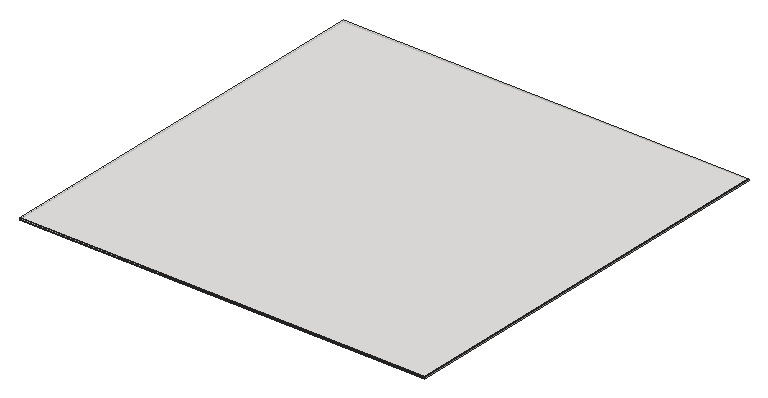
Revit family "Lighting - Luminii - Matrix Plus - Dynamic White", category Lighting Fixtures, host Face, Revit 2020
Family settings
  Host = Face
  Round Connector Dimension = Use Diameter
  Part Type = Normal
  OmniClass Number = 23.80.70.11.14.21
  OmniClass Title = Spots and Tracklight Specialties
  Cut with Voids When Loaded = No
  Light Source = Yes
  Shared = Yes
  Room Calculation Point = No
Parameters (values of type "Matrix Plus DW")
  Width = if(Constraints = 1, 12", 2")  # 12"
  Wattage Comments = if(Constraints = 1, "4.6 W", "0.8 W")  # "4.6 W"
  Wattage = 4.6 W
  Warranty URL = "https://www.luminii.com/terms-conditions/"
  built-in parameter 1150110 = 1 (stored number, unit not read)
  Voltage Comments = "24 VDC"  # constant formula
  Voltage = 24 V  # constant formula
  Version = "2020 - v1.0a"  # constant formula
  URL = "https://www.luminii.com/"
  built-in parameter 1114217 = 1 (stored number, unit not read)
  Tilt Angle = -90.00°  # constant formula
  built-in parameter 1150109 = 1 (stored number, unit not read)
  built-in parameter 1150134 = (empty or 0)
  built-in parameter 1150113 = 1 (stored number, unit not read)
  Support Phone = "224-699-9545"  # constant formula
  Support Email = "mailto:support@bimsmith.com"
  Product Page URL = "https://www.luminii.com/product/matrix-plus-dynamic-white/"
  Product Name = "Matrix Plus Dynamic White"  # constant formula
  Product Documentation Link = "https://www.luminii.com/wp-content/uploads/z_special_catalog_products/products/matrix-plus-dynamic-white/specsheets/matrix%20plus%20dynamic%20white-specifications.pdf"
  Power Source Type = "Driver"  # constant formula
  Power Factor = 1
  Photometric Web File = "MP-SO-DW-22K-60K(BOTH)_IESNA2002.IES"
  Phase = 1
  Operating Temperature = "Consult Manufacturer Website for more Information"  # constant formula
  Number of Poles = if(and(or(Voltage = 120 V, Voltage = 277 V), Phase = 1), 1, if(and(or(Voltage = 208 V, Voltage = 240 V), Phase = 1), 2, if(and(or(Voltage = 208 V, Voltage = 240 V), Phase = 3), 3, if(and(Voltage > 300 V, Phase = 1), 2, if(and(Voltage > 400 V, Phase = 3), 3, 1)))))  # 1
  Mounting Method = "Surface Mount"  # constant formula
  Model = "MP"
  Manufacturer Phone Number = "224-333-6033"  # constant formula
  Manufacturer Email = "mailto:info@luminii.com"
  Manufacturer Address = "7777 N Merrimac Ave, Niles, IL 60714"  # constant formula
  Manufacturer = "Luminii"  # constant formula
  built-in parameter 1150105 = 35.874 (stored number, unit not read)
  Lumens = 450.8 lm
  built-in parameter 1150115 = 1 (stored number, unit not read)
  Lumen Output = if(Constraints = 1, "228 lm", "39 lm")  # "228 lm"
  Load Classification = Lighting
  built-in parameter 1150137 = (empty or 0)
  built-in parameter 1150139 = (empty or 0)
  Lens Material = Plastic - Luminii - Frosted Lens
  Length Comments [instance] = "Perfomance based on 1\" Photometric Web File, consult Manufacturer for custom sizes"  # constant formula
  Length = 12"  # constant formula
  built-in parameter 1150112 = 1 (stored number, unit not read)
  built-in parameter 1150114 = 1 (stored number, unit not read)
  Lamp Life = 1
  Lamp = "LED"  # constant formula
  Keynote = "26 50 00"
  Instruction Sheet Link = "https://www.luminii.com/wp-content/uploads/z_special_catalog_products/products/matrix-mini-plus-dynamic-white/install-guides/matrix%20mini%20plus%20dynamic%20white-instructions.pdf"
  built-in parameter 1150132 = (empty or 0)
  built-in parameter 1150102 = (empty or 0)
  built-in parameter 1150107 = 3000 (stored number, unit not read)
  Initial Color Comments = "Perfomance based on 3000K Photometric Web File"  # constant formula
  built-in parameter 1150138 = (empty or 0)
  built-in parameter 1150106 = 0.35874 (stored number, unit not read)
  Housing Protection Rating = "Consult Manufacturer Website for more Information"  # constant formula
  Has Dimming = 1 = 1  # yes
  Has Battery Backup = 0 = 1  # no
  Frequency Comments = ""  # constant formula
  Frequency = 60 Hz
  Finish = Metal - Luminii - Silver Anodized Aluminum
  Environment = "Indoor"  # constant formula
  Emit from Rectangle Width = Width  # 12"
  Emit from Rectangle Length = Length  # 12"
  Emit Shape Visible in Rendering = yes
  built-in parameter 1150104 = 9.1045 (stored number, unit not read)
  Dimming Lamp Color Temperature Shift = <None>
  Description = "High Efficacy Grid LED panel - 24 VDC"  # constant formula
  Depth = 13/256"  # constant formula
  Default Elevation = 0"  # constant formula
  Current Amps = 50 A
  Copyright = "©2023 Luminii"  # constant formula
  Constraints = 1
  Color Filter = 16777215
  built-in parameter 1114216 [instance] = 0  # (empty or 0)
  built-in parameter 1140040 [instance] = 1 = 1  # 1
  CCT = "3000K"
  built-in parameter 1114218 = 1 (stored number, unit not read)
  built-in parameter 1150133 = 10 (stored number, unit not read)
  Assembly Code = "D5020230"
  Apparent Load = Wattage / Power Factor  # 4.6 VA
Types (2): name | Width | Wattage Comments | Wattage | Product Page URL | Photometric Web File | Model | built-in parameter 1150105 | Lumens | Lumen Output | built-in parameter 1150106 | Emit from Rectangle Width | built-in parameter 1150104 | Constraints | Apparent Load
  Matrix Plus DW | 12" | "4.6 W" | 4.6 W | "https://www.luminii.com/product/matrix-plus-dynamic-white/" | "MP-SO-DW-22K-60K(BOTH)_IESNA2002.IES" | "MP" | 35.874 (stored number, unit not read) | 450.8 lm | "228 lm" | 0.35874 (stored number, unit not read) | 12" | 9.1045 (stored number, unit not read) | 1 | 4.6 VA
  Matrix Mini Plus DW | 2" | "0.8 W" | 0.8 W | "https://www.luminii.com/product/matrix-mini-plus-dynamic-white/" | "MMP-SO-DW-22K-60K(BOTH)_IESNA2002.IES" | "MMP" | 5.9842 (stored number, unit not read) | 75.2 lm | "39 lm" | 0.059842 (stored number, unit not read) | 2" | 8.7329 (stored number, unit not read) | 2 | 0.8 VA
Reference planes (in)
  plane 1 "Center (Front/Back)": y = 0
  plane 2: z = 0
  plane 3 "Center (Left/Right)": x = 0
  plane 4: x = -6
  plane 5: x = 6
  plane 6: y = 6
  plane 7: y = -6
  plane 8: z = 0.05078
  plane 9: z = 0.01
Forms (in)
  Extrusion 1, solid, material "Metal - Luminii - Silver Anodized Aluminum", not visible
    sketch origin (0, 0, 0) x (1, 0, 0) y (0, 1, 0)
      loop
        circle (0, 0) r 0.5
    from 0 to -0.17225
  Extrusion 2, solid, material "Metal - Luminii - Silver Anodized Aluminum" <- "Finish"
    sketch origin (0, 0, 0) x (1, 0, 0) y (0, 1, 0)
      loop
        line (-6, 6) -> (-6, -6) -> (6, -6) -> (6, 6) -> (-6, 6)
    from 0 to 0.01
  Extrusion 3, solid, material "Plastic - Luminii - Frosted Lens" <- "Lens Material"
    sketch origin (0, 0, 0) x (1, 0, 0) y (0, 1, 0)
      loop
        line (-6, 6) -> (-6, -6) -> (6, -6) -> (6, 6) -> (-6, 6)
    from 0.05078 to 0.01
Dimensions and locks (in)
  equal spacing: plane 4, plane 3 "Center (Left/Right)", plane 5
  equal spacing: plane 6, plane 1 "Center (Front/Back)", plane 7
  "Length": plane 4 to plane 5
  "Width": plane 6 to plane 7
  "Depth": plane 8 to plane 2
  aligned and locked: plane 2 to host face
  aligned and locked: plane 3 "Center (Left/Right)" to Extrusion 1 sketch curve
  aligned and locked: plane 1 "Center (Front/Back)" to Extrusion 1 sketch curve
  aligned and locked: plane 2 to Extrusion 1  (x2)
  aligned and locked: imposter light to plane 3 "Center (Left/Right)"
  aligned and locked: imposter light to plane 1 "Center (Front/Back)"
  aligned and locked: imposter light to plane 8
  aligned and locked: Extrusion 2 sketch curve to plane 6
  aligned and locked: plane 4 to Extrusion 2 sketch curve
  aligned and locked: plane 7 to Extrusion 2 sketch curve
  aligned and locked: Extrusion 2 sketch curve to plane 5
  aligned and locked: Extrusion 2 to level
  aligned and locked: Extrusion 2 to plane 9
  aligned and locked: Extrusion 3 sketch curve to Extrusion 2  (x4)
  aligned and locked: Extrusion 3 to plane 8
  aligned and locked: Extrusion 3 to Extrusion 2
Automatic sketch dimensions
  host sketch curve to host sketch curve = 96"  (x2)
  radius of Extrusion 1 sketch curve = 1/2"
Connectors (in)
  electrical at (0, 0, 0), driven by "Number of Poles", driven by "Load Classification", driven by "Voltage", driven by "Apparent Load", driven by "Power Factor"
    settings: on Extrusion 1, index 1, voltage 24 V, apparent load 4.6 VA, apparent load phase1 0 VA, apparent load phase2 0 VA, apparent load phase3 0 VA, power factor 1, load classification "Lighting", number of poles 1, system type 30, power factor state 1, is connector primary yes, connector utility no, sub classification motor no, connector description "Power Connection"
